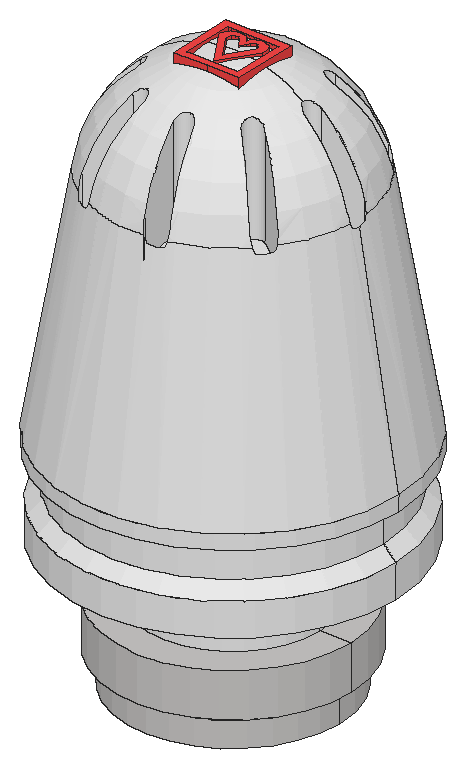
Revit family "Термостатическая головка HERZ-Design-MINI Turbo, с присоединительной резьбой М 28х1.5, 9200 16", category Rohrzubehör, Revit 2018
Family settings
  Bemaßung runder Anschluss = Durchmesser verwenden
  Teiletyp = Normal
  OmniClass-Nummer = 23.65.55.14
  OmniClass-Titel = Valves for Liquid Services
  Arbeitsebenenbasiert = Nein
  Immer vertikal = Nein
  Beim Laden mit Abzugskörper schneiden = Nein
  Gemeinsam genutzt = Nein
Parameters
  Принцип действия = "HERZ-термостатическая головка является датчиком прямого регулирования.\r\nИзменение объема жидкости в HERZ-гидросенсоре приводит в движение шток клапана."
  Область применения = "Для монтажа на всех HERZ-клапанах, предназначенных для термостатической работы."
  Номер заказа = 1920016  # constant formula
  Морозозащита = 6 °C  # constant formula
  Маховик = "Пластик, белый"  # constant formula
  Диапазон регулирования с морозозащитой = "6-28°C"  # constant formula
  Диапазон регулирования = "6-28°C"  # constant formula
  URL = "www.herz-armaturen.ru"
  S02 = 60 mm  # constant formula
  S01 = 73 mm  # constant formula
  Позиция теплового запирания "0" = "Термостатическая головка с жидкостным датчиком (гидросенсором) с позициями теплового запираниия \"0\" и морозозащиты, с ограничением и блокировкой диапазона регулирования."
  Hersteller = "HERZ Armaturen Ges.m.b.H."  # constant formula
  Позиция морозозащиты * = "Термостатическая головка с жидкостным датчиком (гидросенсором) с позицией морозозащиты и ограничением, блокировкой диапазона регулирования."
Reference planes
  plane 1 "Mitte (Vorne/hinten)": y = 0
  plane 2: z = 0
  plane 3 "Mitte (Links/rechts)": x = 0
Forms (mm)
  Revolve 1, solid, material "Kunststoff weiß", detail levels fine
    sketch origin (0, 0, 0) x (1, 0, 0) y (0, 0, 1)
      loop
        line (0, 0) -> (0, 73)
        arc (0, 73) -> (-11.397, 68.78) -> (-17.297, 58.156) r 17.5
        arc (-17.297, 58.156) -> (-20.011, 42.065) -> (-22.88, 26) r 1681.293
        line (-22.88, 26) -> (-22.88, 24) -> (-20.75, 24) -> (-20.75, 19.25) -> (-22.5, 17.5) -> (-22.5, 13) -> (-12.8, 13)
        arc (-12.8, 13) -> (-12.234, 12.766) -> (-12, 12.2) r 0.8
        line (-12, 12.2) -> (-12, 4.8) -> (-13.2, 4.8) -> (-13.2, 0) -> (0, 0)
      axis (0, 73) -> (0, 0)
    angle from 0 to 360
  Revolve 2, solid, material "Messing verzinkt", detail levels fine
    sketch origin (0, 0, 0) x (1, 0, 0) y (0, 0, 1)
      loop
        line (0, 0) -> (0, 5.5) -> (-16.35, 5.5) -> (-16.35, -0.576) -> (-14.75, -1.5) -> (-14.75, -5) -> (-13.35, -5) -> (-13.35, 0) -> (0, 0)
      axis (0, 5.5) -> (0, -5)
    angle from 0 to 360
  Extrusion 3, void
    sketch origin (0, 0, 0) x (1, 0, 0) y (0, 1, 0)
      loop
        arc (11.027, 1.298) -> (9.8, 0) -> (11.027, -1.298) r 1.3
        line (11.027, -1.298) -> (16.77, -1.62)
        arc (16.77, -1.62) -> (17.178, -1.485) -> (17.384, -1.107) r 0.586
        arc (17.384, -1.107) -> (17.453, 0.011) -> (17.382, 1.129) r 9
        arc (17.382, 1.129) -> (17.183, 1.492) -> (16.79, 1.621) r 0.564
        line (16.79, 1.621) -> (11.027, 1.298)
      loop
        line (9.282, 6.094) -> (13.904, 9.55)
        arc (13.904, 9.55) -> (14.121, 9.902) -> (14.04, 10.308) r 0.564
        arc (14.04, 10.308) -> (13.376, 11.21) -> (12.605, 12.023) r 9
        arc (12.605, 12.023) -> (12.205, 12.18) -> (11.805, 12.021) r 0.586
        line (11.805, 12.021) -> (7.613, 8.082)
        arc (7.613, 8.082) -> (7.507, 6.299) -> (9.282, 6.094) r 1.3
      loop
        arc (0.637, 11.085) -> (1.702, 9.651) -> (3.193, 10.634) r 1.3
        line (3.193, 10.634) -> (4.508, 16.234)
        arc (4.508, 16.234) -> (4.445, 16.659) -> (4.109, 16.928) r 0.586
        arc (4.109, 16.928) -> (3.02, 17.189) -> (1.907, 17.313) r 9
        arc (1.907, 17.313) -> (1.515, 17.181) -> (1.319, 16.816) r 0.564
        line (1.319, 16.816) -> (0.637, 11.085)
      loop
        line (-4.39, 10.199) -> (-6.991, 15.351)
        arc (-6.991, 15.351) -> (-7.3, 15.626) -> (-7.713, 15.617) r 0.564
        arc (-7.713, 15.617) -> (-8.717, 15.12) -> (-9.651, 14.501) r 9
        arc (-9.651, 14.501) -> (-9.875, 14.134) -> (-9.788, 13.713) r 0.586
        line (-9.788, 13.713) -> (-6.638, 8.901)
        arc (-6.638, 8.901) -> (-4.9, 8.487) -> (-4.39, 10.199) r 1.3
      loop
        arc (-10.806, 2.552) -> (-9.209, 3.352) -> (-9.918, 4.991) r 1.3
        line (-9.918, 4.991) -> (-15.204, 7.258)
        arc (-15.204, 7.258) -> (-15.634, 7.271) -> (-15.957, 6.986) r 0.586
        arc (-15.957, 6.986) -> (-16.404, 5.959) -> (-16.719, 4.884) r 9
        arc (-16.719, 4.884) -> (-16.657, 4.475) -> (-16.332, 4.219) r 0.564
        line (-16.332, 4.219) -> (-10.806, 2.552)
      loop
        line (-10.806, -2.552) -> (-16.332, -4.219)
        arc (-16.332, -4.219) -> (-16.657, -4.475) -> (-16.719, -4.884) r 0.564
        arc (-16.719, -4.884) -> (-16.404, -5.959) -> (-15.957, -6.986) r 9
        arc (-15.957, -6.986) -> (-15.634, -7.271) -> (-15.204, -7.258) r 0.586
        line (-15.204, -7.258) -> (-9.918, -4.991)
        arc (-9.918, -4.991) -> (-9.209, -3.352) -> (-10.806, -2.552) r 1.3
      loop
        arc (9.282, -6.094) -> (7.507, -6.299) -> (7.613, -8.082) r 1.3
        line (7.613, -8.082) -> (11.805, -12.021)
        arc (11.805, -12.021) -> (12.205, -12.18) -> (12.605, -12.023) r 0.586
        arc (12.605, -12.023) -> (13.376, -11.21) -> (14.04, -10.308) r 9
        arc (14.04, -10.308) -> (14.121, -9.902) -> (13.904, -9.55) r 0.564
        line (13.904, -9.55) -> (9.282, -6.094)
      loop
        line (0.637, -11.085) -> (1.319, -16.816)
        arc (1.319, -16.816) -> (1.515, -17.181) -> (1.907, -17.313) r 0.564
        arc (1.907, -17.313) -> (3.02, -17.189) -> (4.109, -16.928) r 9
        arc (4.109, -16.928) -> (4.445, -16.659) -> (4.508, -16.234) r 0.586
        line (4.508, -16.234) -> (3.193, -10.634)
        arc (3.193, -10.634) -> (1.702, -9.651) -> (0.637, -11.085) r 1.3
      loop
        arc (-4.39, -10.199) -> (-4.9, -8.487) -> (-6.638, -8.901) r 1.3
        line (-6.638, -8.901) -> (-9.788, -13.713)
        arc (-9.788, -13.713) -> (-9.875, -14.134) -> (-9.651, -14.501) r 0.586
        arc (-9.651, -14.501) -> (-8.717, -15.12) -> (-7.713, -15.617) r 9
        arc (-7.713, -15.617) -> (-7.3, -15.626) -> (-6.991, -15.351) r 0.564
        line (-6.991, -15.351) -> (-4.39, -10.199)
    from 55 to 73
Cuts and joins
  Extrusion 3 cuts Revolve 1
Lines and regions (mm)
  model lines, detail levels coarse+medium
    curve 1: line (0, 0, 0) -> (0, 0, 13)
    curve 2: line (0, -0.017, 0) -> (0, 13, 0)
    curve 3: circle (0, 0, 43) r 30 normal (0, -1, 0)
    curve 4: line (0, 0, 23) -> (0, 0, 63)
    curve 5: line (-17.5, 0, 63) -> (17.5, 0, 63)
    curve 6: circle (0, -0.017, 43) r 30 normal (1, 0, 0)
    curve 7: line (0, -0.017, 23) -> (0, -0.017, 63)
    curve 8: line (0, 17.483, 63) -> (0, -17.517, 63)
    curve 9: circle (0, 43, 0) r 30 normal (0, 0, 1)
    curve 10: line (0, 23, 0) -> (0, 63, 0)
    curve 11: line (-17.5, 63, 0) -> (17.5, 63, 0)
Dimensions and locks
  "S01": curve 3 to plane 2
  "S01": curve 6 to plane 2
  "S01": plane 1 "Mitte (Vorne/hinten)" to curve 9
  "S02": diameter of curve 3
  "S02": diameter of curve 6
  "S02": diameter of curve 9
  aligned and locked: level to plane 2
Automatic sketch dimensions
  Revolve 1 sketch curve to level = 0 mm
  Revolve 1 sketch curve to plane 3 "Mitte (Links/rechts)" = 0 mm  (x2)
  Revolve 1 sketch curve to plane 3 "Mitte (Links/rechts)" = 12 mm
  Revolve 1 sketch curve to Revolve 1 sketch curve = 0.8 mm
  Revolve 1 sketch curve to Revolve 1 sketch curve = 1.2 mm
  Revolve 1 sketch curve to Revolve 1 sketch curve = 7.95 mm
  Revolve 1 sketch curve to Revolve 1 sketch curve = 1.75 mm  (x2)
  Revolve 1 sketch curve to Revolve 1 sketch curve = 2.13 mm
  level to Revolve 1 sketch curve = 329.658 mm
  Revolve 1 sketch curve to plane 3 "Mitte (Links/rechts)" = 1676.524 mm
  level to Revolve 1 sketch curve = 4.8 mm
  Revolve 1 sketch curve to Revolve 1 sketch curve = 7.4 mm
  Revolve 1 sketch curve to Revolve 1 sketch curve = 4.5 mm
  Revolve 1 sketch curve to Revolve 1 sketch curve = 4.75 mm
  Revolve 1 sketch curve to Revolve 1 sketch curve = 2 mm
  Revolve 1 sketch curve to Revolve 1 sketch curve = 29.5 mm
  Revolve 1 sketch curve to Revolve 1 sketch curve = 17.5 mm
  Revolve 1 sketch curve to level = 366.045 mm
  Revolve 1 sketch curve to Revolve 1 sketch curve = 2141.315 mm
  Revolve 2 sketch curve to level = 0 mm
  Revolve 2 sketch curve to plane 3 "Mitte (Links/rechts)" = 0 mm  (x2)
  Revolve 2 sketch curve to level = 5 mm
  Revolve 2 sketch curve to plane 3 "Mitte (Links/rechts)" = 13.35 mm
  Revolve 2 sketch curve to Revolve 2 sketch curve = 1.4 mm
  Revolve 2 sketch curve to level = 0.576 mm
  Revolve 2 sketch curve to Revolve 2 sketch curve = 1.6 mm
  Revolve 2 sketch curve to level = 1.5 mm
  level to Revolve 2 sketch curve = 5.5 mm
  Revolve 2 sketch curve to Revolve 2 sketch curve = 361.045 mm
  Revolve 2 sketch curve to Revolve 2 sketch curve = 2208.815 mm
  plane 1 "Mitte (Vorne/hinten)" to Extrusion 3 sketch curve = 0 mm  (x2)
  Extrusion 3 sketch curve to plane 1 "Mitte (Vorne/hinten)" = 4.219 mm
  Extrusion 3 sketch curve to plane 3 "Mitte (Links/rechts)" = 16.332 mm
  plane 1 "Mitte (Vorne/hinten)" to Extrusion 3 sketch curve = 4.219 mm
  Extrusion 3 sketch curve to Extrusion 3 sketch curve = 0 mm  (x11)
  Extrusion 3 sketch curve to Extrusion 3 sketch curve = 0.163 mm  (x2)
  Extrusion 3 sketch curve to Extrusion 3 sketch curve = 0.734 mm  (x2)
  plane 1 "Mitte (Vorne/hinten)" to Extrusion 3 sketch curve = 7.258 mm
  Extrusion 3 sketch curve to Extrusion 3 sketch curve = 0.231 mm  (x2)
  Extrusion 3 sketch curve to plane 1 "Mitte (Vorne/hinten)" = 7.258 mm
  plane 1 "Mitte (Vorne/hinten)" to Extrusion 3 sketch curve = 2.552 mm
  Extrusion 3 sketch curve to Extrusion 3 sketch curve = 5.526 mm
  Extrusion 3 sketch curve to plane 1 "Mitte (Vorne/hinten)" = 2.552 mm
  Extrusion 3 sketch curve to Extrusion 3 sketch curve = 0.375 mm  (x2)
  Extrusion 3 sketch curve to Extrusion 3 sketch curve = 0.512 mm  (x2)
  Extrusion 3 sketch curve to Extrusion 3 sketch curve = 5.416 mm  (x2)
  Extrusion 3 sketch curve to Extrusion 3 sketch curve = 0.49 mm  (x2)
  Extrusion 3 sketch curve to Extrusion 3 sketch curve = 2.488 mm  (x2)
  Extrusion 3 sketch curve to Extrusion 3 sketch curve = 1.803 mm  (x2)
  Extrusion 3 sketch curve to Extrusion 3 sketch curve = 0.504 mm  (x2)
  Extrusion 3 sketch curve to Extrusion 3 sketch curve = 3.281 mm  (x2)
  Extrusion 3 sketch curve to Extrusion 3 sketch curve = 1.088 mm  (x2)
  Extrusion 3 sketch curve to Extrusion 3 sketch curve = 1.16 mm  (x2)
  Extrusion 3 sketch curve to Extrusion 3 sketch curve = 1.324 mm  (x2)
  plane 3 "Mitte (Links/rechts)" to Extrusion 3 sketch curve = 0.637 mm  (x2)
  plane 3 "Mitte (Links/rechts)" to Extrusion 3 sketch curve = 1.319 mm  (x2)
  plane 3 "Mitte (Links/rechts)" to Extrusion 3 sketch curve = 1.468 mm  (x2)
  Extrusion 3 sketch curve to Extrusion 3 sketch curve = 0.561 mm  (x2)
  Extrusion 3 sketch curve to Extrusion 3 sketch curve = 1.291 mm  (x2)
  Extrusion 3 sketch curve to Extrusion 3 sketch curve = 1.266 mm  (x2)
  Extrusion 3 sketch curve to Extrusion 3 sketch curve = 2.058 mm  (x2)
  Extrusion 3 sketch curve to Extrusion 3 sketch curve = 0.57 mm  (x2)
  Extrusion 3 sketch curve to Extrusion 3 sketch curve = 5.007 mm  (x2)
  Extrusion 3 sketch curve to Extrusion 3 sketch curve = 1.138 mm  (x2)
  Extrusion 3 sketch curve to Extrusion 3 sketch curve = 1.978 mm
  Extrusion 3 sketch curve to Extrusion 3 sketch curve = 0.89 mm  (x2)
  Extrusion 3 sketch curve to Extrusion 3 sketch curve = 0.779 mm  (x2)
  plane 1 "Mitte (Vorne/hinten)" to Extrusion 3 sketch curve = 1.298 mm
  Extrusion 3 sketch curve to Extrusion 3 sketch curve = 2.575 mm
  Extrusion 3 sketch curve to Extrusion 3 sketch curve = 0.073 mm
  Extrusion 3 sketch curve to Extrusion 3 sketch curve = 4.192 mm  (x2)
  Extrusion 3 sketch curve to Extrusion 3 sketch curve = 0.401 mm  (x2)
  Extrusion 3 sketch curve to Extrusion 3 sketch curve = 1.36 mm  (x2)
  Extrusion 3 sketch curve to Extrusion 3 sketch curve = 0.338 mm  (x2)
  plane 1 "Mitte (Vorne/hinten)" to Extrusion 3 sketch curve = 1.62 mm
  Extrusion 3 sketch curve to Extrusion 3 sketch curve = 5.743 mm
  Extrusion 3 sketch curve to plane 1 "Mitte (Vorne/hinten)" = 1.621 mm
  Extrusion 3 sketch curve to Extrusion 3 sketch curve = 0.02 mm
  Extrusion 3 sketch curve to Extrusion 3 sketch curve = 0.033 mm
  Extrusion 3 sketch curve to Extrusion 3 sketch curve = 0.032 mm
  plane 1 "Mitte (Vorne/hinten)" to Extrusion 3 sketch curve = 7.32 mm
  Extrusion 3 sketch curve to Extrusion 3 sketch curve = 6.784 mm
  Extrusion 3 sketch curve to Extrusion 3 sketch curve = 1.004 mm
  Extrusion 3 sketch curve to Extrusion 3 sketch curve = 1.581 mm  (x2)
  Extrusion 3 sketch curve to Extrusion 3 sketch curve = 1.468 mm
  Extrusion 3 sketch curve to Extrusion 3 sketch curve = 0.712 mm  (x2)
  Extrusion 3 sketch curve to Extrusion 3 sketch curve = 0.452 mm  (x2)
  Extrusion 3 sketch curve to Extrusion 3 sketch curve = 2.31 mm  (x2)
  Extrusion 3 sketch curve to Extrusion 3 sketch curve = 0.297 mm  (x2)
  Extrusion 3 sketch curve to Extrusion 3 sketch curve = 1.591 mm  (x2)
  Extrusion 3 sketch curve to Extrusion 3 sketch curve = 0.427 mm  (x2)
  Extrusion 3 sketch curve to Extrusion 3 sketch curve = 4.812 mm  (x2)
  Extrusion 3 sketch curve to Extrusion 3 sketch curve = 0.321 mm  (x2)
  Extrusion 3 sketch curve to Extrusion 3 sketch curve = 1.063 mm  (x2)
  Extrusion 3 sketch curve to Extrusion 3 sketch curve = 0.254 mm  (x2)
  Extrusion 3 sketch curve to Extrusion 3 sketch curve = 5.599 mm  (x2)
  Extrusion 3 sketch curve to Extrusion 3 sketch curve = 0.134 mm  (x2)
  Extrusion 3 sketch curve to Extrusion 3 sketch curve = 0.382 mm  (x2)
  Extrusion 3 sketch curve to Extrusion 3 sketch curve = 0.067 mm  (x2)
  Extrusion 3 sketch curve to Extrusion 3 sketch curve = 0.947 mm
  Extrusion 3 sketch curve to Extrusion 3 sketch curve = 0.539 mm  (x2)
  Extrusion 3 sketch curve to Extrusion 3 sketch curve = 1.702 mm
  Extrusion 3 sketch curve to Extrusion 3 sketch curve = 2.439 mm
  Extrusion 3 sketch curve to Extrusion 3 sketch curve = 0.54 mm  (x2)
  Extrusion 3 sketch curve to Extrusion 3 sketch curve = 0.905 mm
  Extrusion 3 sketch curve to Extrusion 3 sketch curve = 0.585 mm
  Extrusion 3 sketch curve to Extrusion 3 sketch curve = 0.564 mm
  Extrusion 3 sketch curve to Extrusion 3 sketch curve = 0.339 mm
  Extrusion 3 sketch curve to Extrusion 3 sketch curve = 1.245 mm
  Extrusion 3 sketch curve to plane 1 "Mitte (Vorne/hinten)" = 5.433 mm
  Extrusion 3 sketch curve to Extrusion 3 sketch curve = 0.661 mm
  Extrusion 3 sketch curve to Extrusion 3 sketch curve = 1.041 mm
  Extrusion 3 sketch curve to Extrusion 3 sketch curve = 4.429 mm
  Extrusion 3 sketch curve to Extrusion 3 sketch curve = 2.891 mm
  Extrusion 3 sketch curve to Extrusion 3 sketch curve = 3.456 mm
  Extrusion 3 sketch curve to plane 1 "Mitte (Vorne/hinten)" = 1.298 mm  (x2)
  plane 1 "Mitte (Vorne/hinten)" to curve 6 = 0.017 mm
  plane 1 "Mitte (Vorne/hinten)" to curve 7 = 0.017 mm
  curve 8 to curve 7 = 17.5 mm
  curve 8 to plane 1 "Mitte (Vorne/hinten)" = 17.483 mm
  curve 7 to curve 6 = 20 mm
  curve 6 to curve 8 = 20 mm
  curve 3 to plane 3 "Mitte (Links/rechts)" = 0 mm
  curve 4 to plane 3 "Mitte (Links/rechts)" = 0 mm
  curve 1 to plane 3 "Mitte (Links/rechts)" = 0 mm
  curve 1 to level = 0 mm
  curve 5 to curve 4 = 17.5 mm
  plane 3 "Mitte (Links/rechts)" to curve 5 = 17.5 mm
  curve 1 to curve 4 = 10 mm
  curve 3 to curve 5 = 20 mm
  curve 9 to plane 3 "Mitte (Links/rechts)" = 0 mm
  curve 10 to plane 3 "Mitte (Links/rechts)" = 0 mm
  curve 2 to plane 3 "Mitte (Links/rechts)" = 0 mm
  curve 11 to curve 10 = 17.5 mm
  plane 3 "Mitte (Links/rechts)" to curve 11 = 17.5 mm
  plane 1 "Mitte (Vorne/hinten)" to curve 2 = 0.017 mm
  curve 2 to curve 10 = 10 mm
  curve 9 to curve 11 = 20 mm
Nested families
  nested 1: "Herz-Logo" at (0, 0, 71.5), type "Herz-Logo", detail levels fine
Definition of nested family "Herz-Logo"
  Reference planes
    plane 1 "Mitte (Vorne/hinten)": y = 0
    plane 2: z = 0
    plane 3 "Mitte (Links/rechts)": x = 0
  Forms (mm)
    Extrusion 1, solid
      sketch origin (0, 0, 0) x (1, 0, 0) y (0, 1, 0)
        loop
          line (-0.018, -4.517) -> (4.482, -4.517) -> (4.482, 4.483) -> (-4.518, 4.483) -> (-4.518, -4.517) -> (-0.018, -4.517)
        loop
          line (-0.05, -3.48) -> (3.482, -3.48) -> (3.482, 3.483) -> (-3.518, 3.483) -> (-3.518, -3.48) -> (-0.05, -3.48)
        loop
          arc (-0.018, 2.383) -> (-1.543, 3.287) -> (-3.067, 2.383) r 1.738
          arc (-3.067, 2.383) -> (-3.191, 1.899) -> (-3.067, 1.415) r 1.009
          line (-3.067, 1.415) -> (-0.018, -3.281) -> (3.032, 1.415)
          arc (3.032, 1.415) -> (3.156, 1.899) -> (3.032, 2.383) r 1.009
          arc (3.032, 2.383) -> (1.507, 3.287) -> (-0.018, 2.383) r 1.738
        loop
          arc (1.885, 1.272) -> (2.005, 1.675) -> (1.885, 2.079) r 0.74
          arc (1.885, 2.079) -> (1.265, 2.416) -> (0.644, 2.079) r 0.74
          line (0.644, 2.079) -> (-0.018, 0.97) -> (-0.679, 2.079)
          arc (-0.679, 2.079) -> (-1.3, 2.416) -> (-1.921, 2.079) r 0.74
          arc (-1.921, 2.079) -> (-2.04, 1.675) -> (-1.921, 1.272) r 0.74
          line (-1.921, 1.272) -> (-0.018, -1.658) -> (1.885, 1.272)
      from 0 to 1.5
  Dimensions and locks
    aligned and locked: level to plane 2
